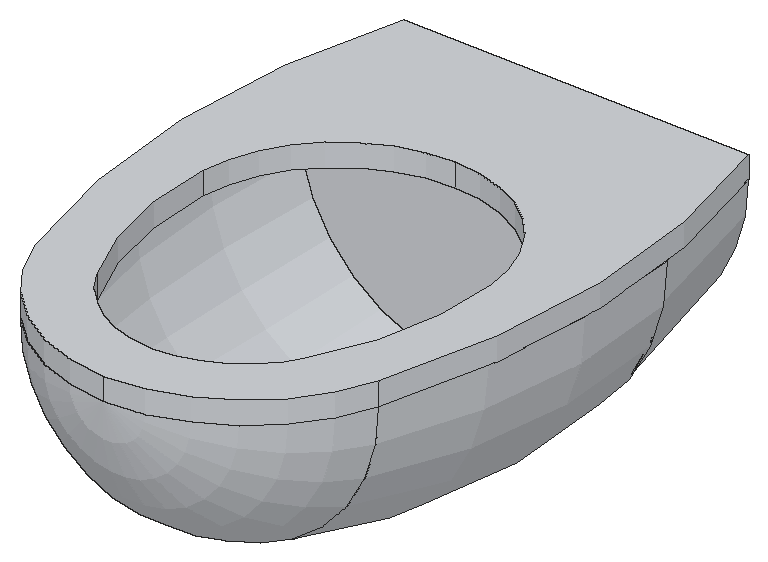
Revit family
Parameters (values of type "520 x 370mm")
  Material = none
  Manufacturer = "Revit"
  Assembly Code = ""
Reference planes
  plane 1 "Center (Front/Back)": y = 0
  plane 2: z = 0
  plane 3 "Center (Left/Right)": x = 0
  plane 4: y = -244.9
Forms (mm)
  Extrusion 1, solid, material <- "Material"
    sketch origin (0, 0, 307.334) x (1, 0, 0) y (0, 1, 0)
      loop
        arc (-152.704, 0) -> (-185.562, -204.671) -> (-152.704, -409.341) r 653.876
        arc (-152.704, -409.341) -> (-94.349, -490.625) -> (0, -523.953) r 166.984
        arc (0, -523.953) -> (94.349, -490.625) -> (152.704, -409.341) r 166.984
        arc (152.704, -409.341) -> (185.562, -204.671) -> (152.704, 0) r 653.876
        line (152.704, 0) -> (-152.704, 0)
      loop
        arc (0, -134.961) -> (-87.71, -168.958) -> (-128.473, -253.735) r 127.954
        arc (-128.473, -253.735) -> (-122.656, -336.701) -> (-93.86, -414.726) r 294.286
        arc (-93.86, -414.726) -> (-54.664, -456.038) -> (0, -472.002) r 109.21
        arc (0, -472.002) -> (54.664, -456.038) -> (93.86, -414.726) r 109.21
        arc (93.86, -414.726) -> (122.656, -336.701) -> (128.473, -253.735) r 294.286
        arc (128.473, -253.735) -> (87.71, -168.958) -> (0, -134.961) r 127.954
    from -20 to 0
  Blend 2, solid, material <- "Material"
    base sketch origin (0, -124.9, 287.334) x (0, 0, -1) y (-1, 0, 0)
      loop
        line (0, 180) -> (0, -180)
        arc (0, -180) -> (180, 0) -> (0, 180) r 180
    top sketch origin (0, -124.9, 287.334) x (0, 0, -1) y (-1, 0, 0)
      loop
        line (0, 152.605) -> (0, -152.704)
        arc (0, -152.704) -> (152.655, -0.05) -> (0, 152.605) r 152.655
    from 0 to 124.9
  Revolve 3, solid, material <- "Material"
    sketch origin (0, 0, 287.334) x (1, 0, 0) y (0, 1, 0)
      loop
        arc (-180.678, -124.9) -> (-182.423, -268.668) -> (-152.704, -409.341) r 653.876
        arc (-152.704, -409.341) -> (-94.349, -490.625) -> (0, -523.953) r 166.984
        line (0, -523.953) -> (0, -490.489)
        arc (0, -490.489) -> (-74.747, -463.526) -> (-120.946, -398.875) r 133.545
        arc (-120.946, -398.875) -> (-149.342, -263.349) -> (-146.974, -124.9) r 620.437
        line (-146.974, -124.9) -> (-180.678, -124.9)
      axis (0, -523.953) -> (0, -124.9)
    angle from 0 to 180
Lines and regions (mm)
  symbolic lines
    curve 1: line (-152.709, 0, 0) -> (152.709, 0, 0)
    curve 2: line (152.709, 0, 0) -> (158.487, -27.227, 0)
    curve 3: arc (158.487, -27.227, 0) -> (158.776, -28.613, 0) -> (159.057, -30, 0) r 241.075
    curve 4: line (159.057, -30, 0) -> (164.872, -59.182, 0)
    curve 5: line (164.872, -59.182, 0) -> (165.032, -60, 0)
    curve 6: line (165.032, -60, 0) -> (167.579, -73.437, 0)
    curve 7: line (167.579, -73.437, 0) -> (170.601, -90, 0)
    curve 8: arc (170.601, -90, 0) -> (171.704, -96.237, 0) -> (172.775, -102.479, 0) r 1279.669
    curve 9: line (172.775, -102.479, 0) -> (175.675, -120, 0)
    curve 10: arc (175.675, -120, 0) -> (176.56, -125.594, 0) -> (177.405, -131.195, 0) r 793.008
    curve 11: line (177.405, -131.195, 0) -> (180.093, -150, 0)
    curve 12: arc (180.093, -150, 0) -> (181.062, -157.316, 0) -> (181.944, -164.642, 0) r 616.84
    curve 13: arc (181.944, -164.642, 0) -> (182.776, -172.317, 0) -> (183.521, -180, 0) r 674.925
    curve 14: arc (183.521, -180, 0) -> (184.103, -187.122, 0) -> (184.551, -194.253, 0) r 382.449
    curve 15: arc (184.551, -194.253, 0) -> (184.906, -202.124, 0) -> (185.128, -210, 0) r 465.009
    curve 16: arc (185.128, -210, 0) -> (185.235, -217.236, 0) -> (185.272, -224.473, 0) r 746.453
    curve 17: arc (185.272, -224.473, 0) -> (185.238, -232.237, 0) -> (185.135, -240, 0) r 859.081
    curve 18: arc (185.135, -240, 0) -> (184.986, -246.797, 0) -> (184.781, -253.592, 0) r 827.316
    curve 19: arc (184.781, -253.592, 0) -> (184.472, -261.797, 0) -> (184.106, -270, 0) r 1206.742
    curve 20: arc (184.106, -270, 0) -> (183.655, -277.967, 0) -> (183.065, -285.924, 0) r 458.517
    curve 21: arc (183.065, -285.924, 0) -> (182.412, -292.969, 0) -> (181.62, -300, 0) r 360.495
    curve 22: arc (181.62, -300, 0) -> (180.779, -306.235, 0) -> (179.785, -312.448, 0) r 257.635
    curve 23: arc (179.785, -312.448, 0) -> (178.191, -321.238, 0) -> (176.447, -330, 0) r 519.485
    curve 24: arc (176.447, -330, 0) -> (174.874, -337.324, 0) -> (173.21, -344.627, 0) r 595.063
    curve 25: arc (173.21, -344.627, 0) -> (171.356, -352.325, 0) -> (169.411, -360, 0) r 664.851
    curve 26: arc (169.411, -360, 0) -> (167.671, -366.435, 0) -> (165.803, -372.834, 0) r 334.519
    curve 27: arc (165.803, -372.834, 0) -> (163.128, -381.437, 0) -> (160.327, -390, 0) r 611.028
    curve 28: arc (160.327, -390, 0) -> (158.241, -395.884, 0) -> (155.955, -401.694, 0) r 182.055
    curve 29: arc (155.955, -401.694, 0) -> (152.036, -410.89, 0) -> (147.922, -420, 0) r 466.837
    curve 30: arc (147.922, -420, 0) -> (144.7, -426.503, 0) -> (141.155, -432.835, 0) r 144.479
    curve 31: arc (141.155, -432.835, 0) -> (135.794, -441.516, 0) -> (130.126, -450, 0) r 285.669
    curve 32: arc (130.126, -450, 0) -> (126.035, -455.463, 0) -> (121.563, -460.617, 0) r 94.986
    curve 33: arc (121.563, -460.617, 0) -> (112.028, -470.482, 0) -> (102.147, -480, 0) r 384.278
    curve 34: arc (102.147, -480, 0) -> (92.028, -488.613, 0) -> (81.195, -496.31, 0) r 152.143
    curve 35: arc (81.195, -496.31, 0) -> (68.753, -503.666, 0) -> (55.762, -510, 0) r 180.05
    curve 36: arc (55.762, -510, 0) -> (44.275, -514.251, 0) -> (32.368, -517.121, 0) r 103.836
    curve 37: arc (32.368, -517.121, 0) -> (16.248, -519.279, 0) -> (0, -520, 0) r 183.366
    curve 38: arc (0, -520, 0) -> (-16.247, -519.279, 0) -> (-32.367, -517.121, 0) r 183.359
    curve 39: arc (-32.367, -517.121, 0) -> (-44.274, -514.251, 0) -> (-55.76, -510, 0) r 103.836
    curve 40: arc (-55.76, -510, 0) -> (-68.753, -503.665, 0) -> (-81.195, -496.309, 0) r 180.041
    curve 41: arc (-81.195, -496.309, 0) -> (-92.026, -488.612, 0) -> (-102.144, -480, 0) r 152.085
    curve 42: arc (-102.144, -480, 0) -> (-112.023, -470.483, 0) -> (-121.556, -460.619, 0) r 384.319
    curve 43: arc (-121.556, -460.619, 0) -> (-126.029, -455.463, 0) -> (-130.12, -450, 0) r 95.043
    curve 44: arc (-130.12, -450, 0) -> (-135.789, -441.515, 0) -> (-141.151, -432.834, 0) r 285.823
    curve 45: arc (-141.151, -432.834, 0) -> (-144.696, -426.502, 0) -> (-147.918, -420, 0) r 144.491
    curve 46: arc (-147.918, -420, 0) -> (-152.033, -410.891, 0) -> (-155.951, -401.695, 0) r 466.426
    curve 47: arc (-155.951, -401.695, 0) -> (-158.238, -395.885, 0) -> (-160.325, -390, 0) r 181.972
    curve 48: arc (-160.325, -390, 0) -> (-163.125, -381.437, 0) -> (-165.8, -372.834, 0) r 610.744
    curve 49: arc (-165.8, -372.834, 0) -> (-167.668, -366.435, 0) -> (-169.408, -360, 0) r 334.334
    curve 50: arc (-169.408, -360, 0) -> (-171.352, -352.327, 0) -> (-173.205, -344.631, 0) r 665.262
    curve 51: arc (-173.205, -344.631, 0) -> (-174.87, -337.326, 0) -> (-176.443, -330, 0) r 595.997
    curve 52: arc (-176.443, -330, 0) -> (-178.189, -321.233, 0) -> (-179.784, -312.437, 0) r 520.023
    curve 53: arc (-179.784, -312.437, 0) -> (-180.777, -306.23, 0) -> (-181.617, -300, 0) r 257.163
    curve 54: arc (-181.617, -300, 0) -> (-182.408, -292.975, 0) -> (-183.061, -285.936, 0) r 359.924
    curve 55: arc (-183.061, -285.936, 0) -> (-183.651, -277.972, 0) -> (-184.102, -270, 0) r 459.215
    curve 56: arc (-184.102, -270, 0) -> (-184.467, -261.793, 0) -> (-184.776, -253.584, 0) r 1209.393
    curve 57: arc (-184.776, -253.584, 0) -> (-184.981, -246.793, 0) -> (-185.13, -240, 0) r 827.255
    curve 58: arc (-185.13, -240, 0) -> (-185.234, -232.238, 0) -> (-185.267, -224.476, 0) r 858.487
    curve 59: arc (-185.267, -224.476, 0) -> (-185.23, -217.238, 0) -> (-185.123, -210, 0) r 746.539
    curve 60: arc (-185.123, -210, 0) -> (-184.902, -202.124, 0) -> (-184.547, -194.253, 0) r 465.042
    curve 61: arc (-184.547, -194.253, 0) -> (-184.098, -187.122, 0) -> (-183.516, -180, 0) r 382.445
    curve 62: arc (-183.516, -180, 0) -> (-182.771, -172.317, 0) -> (-181.939, -164.643, 0) r 675.164
    curve 63: arc (-181.939, -164.643, 0) -> (-181.058, -157.316, 0) -> (-180.089, -150, 0) r 617.085
    curve 64: line (-180.089, -150, 0) -> (-177.401, -131.193, 0)
    curve 65: arc (-177.401, -131.193, 0) -> (-176.556, -125.594, 0) -> (-175.672, -120, 0) r 792.953
    curve 66: line (-175.672, -120, 0) -> (-172.772, -102.479, 0)
    curve 67: arc (-172.772, -102.479, 0) -> (-171.7, -96.237, 0) -> (-170.598, -90, 0) r 1279.549
    curve 68: line (-170.598, -90, 0) -> (-167.576, -73.437, 0)
    curve 69: line (-167.576, -73.437, 0) -> (-165.03, -60, 0)
    curve 70: line (-165.03, -60, 0) -> (-164.87, -59.182, 0)
    curve 71: line (-164.87, -59.182, 0) -> (-159.056, -30, 0)
    curve 72: arc (-159.056, -30, 0) -> (-158.775, -28.613, 0) -> (-158.486, -27.227, 0) r 241.18
    curve 73: line (-158.486, -27.227, 0) -> (-152.709, 0, 0)
    curve 78: line (-40.564, -141.919, 0) -> (-21.443, -137.609, 0)
    curve 79: line (-21.443, -137.609, 0) -> (-6.214, -135.512, 0)
    curve 80: line (-6.214, -135.512, 0) -> (0, -134.961, 0)
    curve 81: line (0, -134.961, 0) -> (6.214, -135.512, 0)
    curve 82: line (6.214, -135.512, 0) -> (21.444, -137.609, 0)
    curve 83: line (21.444, -137.609, 0) -> (40.566, -141.919, 0)
    curve 84: line (40.566, -141.919, 0) -> (58.46, -149.11, 0)
    curve 85: line (58.46, -149.11, 0) -> (69.193, -155.574, 0)
    curve 86: line (69.193, -155.574, 0) -> (80.294, -163.27, 0)
    curve 87: line (80.294, -163.27, 0) -> (91.195, -172.309, 0)
    curve 88: line (91.195, -172.309, 0) -> (101.325, -182.802, 0)
    curve 89: line (101.325, -182.802, 0) -> (110.116, -194.856, 0)
    curve 90: line (110.116, -194.856, 0) -> (116.998, -208.582, 0)
    curve 91: line (116.998, -208.582, 0) -> (123.923, -226.768, 0)
    curve 92: line (123.923, -226.768, 0) -> (126.44, -236.984, 0)
    curve 93: line (126.44, -236.984, 0) -> (128.329, -252.016, 0)
    curve 94: line (128.329, -252.016, 0) -> (129.67, -268.58, 0)
    curve 95: line (129.67, -268.58, 0) -> (129.547, -284.522, 0)
    curve 96: line (129.547, -284.522, 0) -> (128.342, -299.792, 0)
    curve 97: line (128.342, -299.792, 0) -> (126.438, -314.341, 0)
    curve 98: line (126.438, -314.341, 0) -> (122.862, -334.629, 0)
    curve 99: line (122.862, -334.629, 0) -> (118.446, -354.496, 0)
    curve 100: line (118.446, -354.496, 0) -> (114.173, -369.094, 0)
    curve 101: line (114.173, -369.094, 0) -> (111.149, -377.285, 0)
    curve 102: line (111.149, -377.285, 0) -> (106.848, -388.262, 0)
    curve 103: line (106.848, -388.262, 0) -> (101.13, -401.063, 0)
    curve 104: line (101.13, -401.063, 0) -> (93.855, -414.726, 0)
    curve 105: line (93.855, -414.726, 0) -> (84.884, -428.284, 0)
    curve 106: line (84.884, -428.284, 0) -> (74.077, -440.777, 0)
    curve 107: line (74.077, -440.777, 0) -> (61.296, -451.241, 0)
    curve 108: line (61.296, -451.241, 0) -> (46.351, -460.787, 0)
    curve 109: line (46.351, -460.787, 0) -> (35.102, -466.042, 0)
    curve 110: line (35.102, -466.042, 0) -> (21.625, -469.086, 0)
    curve 111: line (21.625, -469.086, 0) -> (0, -472.002, 0)
    curve 112: line (0, -472.002, 0) -> (-21.623, -469.086, 0)
    curve 113: line (-21.623, -469.086, 0) -> (-35.098, -466.042, 0)
    curve 114: line (-35.098, -466.042, 0) -> (-46.347, -460.787, 0)
    curve 115: line (-46.347, -460.787, 0) -> (-61.29, -451.241, 0)
    curve 116: line (-61.29, -451.241, 0) -> (-74.073, -440.777, 0)
    curve 117: line (-74.073, -440.777, 0) -> (-84.88, -428.284, 0)
    curve 118: line (-84.88, -428.284, 0) -> (-93.851, -414.726, 0)
    curve 119: line (-93.851, -414.726, 0) -> (-101.126, -401.063, 0)
    curve 120: line (-101.126, -401.063, 0) -> (-106.843, -388.262, 0)
    curve 121: line (-106.843, -388.262, 0) -> (-111.143, -377.285, 0)
    curve 122: line (-111.143, -377.285, 0) -> (-114.164, -369.094, 0)
    curve 123: line (-114.164, -369.094, 0) -> (-118.441, -354.496, 0)
    curve 124: line (-118.441, -354.496, 0) -> (-122.86, -334.629, 0)
    curve 125: line (-122.86, -334.629, 0) -> (-126.438, -314.341, 0)
    curve 126: line (-126.438, -314.341, 0) -> (-128.339, -299.792, 0)
    curve 127: line (-128.339, -299.792, 0) -> (-129.544, -284.522, 0)
    curve 128: line (-129.544, -284.522, 0) -> (-129.667, -268.58, 0)
    curve 129: line (-129.667, -268.58, 0) -> (-128.327, -252.016, 0)
    curve 130: line (-128.327, -252.016, 0) -> (-126.436, -236.984, 0)
    curve 131: line (-126.436, -236.984, 0) -> (-123.918, -226.768, 0)
    curve 132: line (-123.918, -226.768, 0) -> (-116.995, -208.582, 0)
    curve 133: line (-116.995, -208.582, 0) -> (-110.113, -194.856, 0)
    curve 134: line (-110.113, -194.856, 0) -> (-101.323, -182.802, 0)
    curve 135: line (-101.323, -182.802, 0) -> (-91.194, -172.309, 0)
    curve 136: line (-91.194, -172.309, 0) -> (-80.294, -163.27, 0)
    curve 137: line (-80.294, -163.27, 0) -> (-69.191, -155.574, 0)
    curve 138: line (-69.191, -155.574, 0) -> (-58.455, -149.11, 0)
    curve 139: line (-58.455, -149.11, 0) -> (-40.564, -141.919, 0)
  symbolic lines, detail levels medium+fine
    curve 74: arc (-89.273, -82.245, 0) -> (-79.273, -92.245, 0) -> (-69.273, -82.245, 0) r 10
    curve 75: arc (-69.273, -82.245, 0) -> (-79.273, -72.245, 0) -> (-89.273, -82.245, 0) r 10
    curve 76: arc (73.765, -82.245, 0) -> (83.765, -92.245, 0) -> (93.765, -82.245, 0) r 10
    curve 77: arc (93.765, -82.245, 0) -> (83.765, -72.245, 0) -> (73.765, -82.245, 0) r 10
    curve 140: line (5.976, -141.954, 0) -> (20.619, -143.977, 0)
    curve 141: line (20.619, -143.977, 0) -> (39.005, -148.127, 0)
    curve 142: line (39.005, -148.127, 0) -> (56.211, -155.039, 0)
    curve 143: line (56.211, -155.039, 0) -> (66.533, -161.26, 0)
    curve 144: line (66.533, -161.26, 0) -> (77.21, -168.662, 0)
    curve 145: line (77.21, -168.662, 0) -> (87.692, -177.354, 0)
    curve 146: line (87.692, -177.354, 0) -> (97.432, -187.442, 0)
    curve 147: line (97.432, -187.442, 0) -> (105.885, -199.033, 0)
    curve 148: line (105.885, -199.033, 0) -> (112.501, -212.235, 0)
    curve 149: line (112.501, -212.235, 0) -> (119.155, -229.721, 0)
    curve 150: line (119.155, -229.721, 0) -> (121.577, -239.539, 0)
    curve 151: line (121.577, -239.539, 0) -> (123.396, -253.99, 0)
    curve 152: line (123.396, -253.99, 0) -> (124.685, -269.928, 0)
    curve 153: line (124.685, -269.928, 0) -> (124.566, -285.259, 0)
    curve 154: line (124.566, -285.259, 0) -> (123.408, -299.937, 0)
    curve 155: line (123.408, -299.937, 0) -> (121.575, -313.915, 0)
    curve 156: line (121.575, -313.915, 0) -> (118.136, -333.429, 0)
    curve 157: line (118.136, -333.429, 0) -> (113.887, -352.531, 0)
    curve 158: line (113.887, -352.531, 0) -> (109.771, -366.57, 0)
    curve 159: line (109.771, -366.57, 0) -> (106.87, -374.443, 0)
    curve 160: line (106.87, -374.443, 0) -> (102.738, -384.997, 0)
    curve 161: line (102.738, -384.997, 0) -> (97.243, -397.305, 0)
    curve 162: line (97.243, -397.305, 0) -> (90.249, -410.44, 0)
    curve 163: line (90.249, -410.44, 0) -> (81.623, -423.478, 0)
    curve 164: line (81.623, -423.478, 0) -> (71.232, -435.49, 0)
    curve 165: line (71.232, -435.49, 0) -> (58.94, -445.552, 0)
    curve 166: line (58.94, -445.552, 0) -> (44.569, -454.739, 0)
    curve 167: line (44.569, -454.739, 0) -> (33.75, -459.793, 0)
    curve 168: line (33.75, -459.793, 0) -> (20.792, -462.718, 0)
    curve 169: line (20.792, -462.718, 0) -> (0, -465.513, 0)
    curve 170: line (0, -465.513, 0) -> (-20.791, -462.718, 0)
    curve 171: line (-20.791, -462.718, 0) -> (-33.752, -459.793, 0)
    curve 172: line (-33.752, -459.793, 0) -> (-44.569, -454.739, 0)
    curve 173: line (-44.569, -454.739, 0) -> (-58.935, -445.552, 0)
    curve 174: line (-58.935, -445.552, 0) -> (-71.227, -435.49, 0)
    curve 175: line (-71.227, -435.49, 0) -> (-81.618, -423.478, 0)
    curve 176: line (-81.618, -423.478, 0) -> (-90.243, -410.44, 0)
    curve 177: line (-90.243, -410.44, 0) -> (-97.237, -397.305, 0)
    curve 178: line (-97.237, -397.305, 0) -> (-102.734, -384.997, 0)
    curve 179: line (-102.734, -384.997, 0) -> (-106.869, -374.443, 0)
    curve 180: line (-106.869, -374.443, 0) -> (-109.776, -366.57, 0)
    curve 181: line (-109.776, -366.57, 0) -> (-113.888, -352.531, 0)
    curve 182: line (-113.888, -352.531, 0) -> (-118.136, -333.429, 0)
    curve 183: line (-118.136, -333.429, 0) -> (-121.577, -313.915, 0)
    curve 184: line (-121.577, -313.915, 0) -> (-123.405, -299.937, 0)
    curve 185: line (-123.405, -299.937, 0) -> (-124.562, -285.259, 0)
    curve 186: line (-124.562, -285.259, 0) -> (-124.678, -269.928, 0)
    curve 187: line (-124.678, -269.928, 0) -> (-123.388, -253.99, 0)
    curve 188: line (-123.388, -253.99, 0) -> (-121.575, -239.539, 0)
    curve 189: line (-121.575, -239.539, 0) -> (-119.154, -229.721, 0)
    curve 190: line (-119.154, -229.721, 0) -> (-112.495, -212.235, 0)
    curve 191: line (-112.495, -212.235, 0) -> (-105.877, -199.033, 0)
    curve 192: line (-105.877, -199.033, 0) -> (-97.425, -187.442, 0)
    curve 193: line (-97.425, -187.442, 0) -> (-87.686, -177.354, 0)
    curve 194: line (-87.686, -177.354, 0) -> (-77.206, -168.662, 0)
    curve 195: line (-77.206, -168.662, 0) -> (-66.534, -161.26, 0)
    curve 196: line (-66.534, -161.26, 0) -> (-56.215, -155.039, 0)
    curve 197: line (-56.215, -155.039, 0) -> (-39.003, -148.127, 0)
    curve 198: line (-39.003, -148.127, 0) -> (-20.615, -143.977, 0)
    curve 199: line (-20.615, -143.977, 0) -> (-5.974, -141.954, 0)
    curve 200: line (-5.974, -141.954, 0) -> (0, -141.421, 0)
    curve 201: line (0, -141.421, 0) -> (5.976, -141.954, 0)
    curve 202: line (0, -181.197, 0) -> (17.767, -181.6, 0)
    curve 203: line (17.767, -181.6, 0) -> (36.235, -182.892, 0)
    curve 204: line (36.235, -182.892, 0) -> (45.847, -184.182, 0)
    curve 205: line (45.847, -184.182, 0) -> (48.116, -185.026, 0)
    curve 206: line (48.116, -185.026, 0) -> (50.235, -186.239, 0)
    curve 207: line (50.235, -186.239, 0) -> (51.172, -188.857, 0)
    curve 208: line (51.172, -188.857, 0) -> (51.172, -204.967, 0)
    curve 209: line (51.172, -204.967, 0) -> (51.172, -231.066, 0)
    curve 210: line (51.172, -231.066, 0) -> (51.172, -244.746, 0)
    curve 211: line (51.172, -244.746, 0) -> (50.778, -248.714, 0)
    curve 212: line (50.778, -248.714, 0) -> (48.463, -257.859, 0)
    curve 213: line (48.463, -257.859, 0) -> (42.524, -268.043, 0)
    curve 214: line (42.524, -268.043, 0) -> (31.59, -278.151, 0)
    curve 215: line (31.59, -278.151, 0) -> (16.753, -286.777, 0)
    curve 216: line (16.753, -286.777, 0) -> (0, -289.349, 0)
    curve 217: line (0, -289.349, 0) -> (-16.751, -286.777, 0)
    curve 218: line (-16.751, -286.777, 0) -> (-31.588, -278.151, 0)
    curve 219: line (-31.588, -278.151, 0) -> (-42.521, -268.043, 0)
    curve 220: line (-42.521, -268.043, 0) -> (-48.459, -257.859, 0)
    curve 221: line (-48.459, -257.859, 0) -> (-50.773, -248.714, 0)
    curve 222: line (-50.773, -248.714, 0) -> (-51.166, -244.746, 0)
    curve 223: line (-51.166, -244.746, 0) -> (-51.166, -231.066, 0)
    curve 224: line (-51.166, -231.066, 0) -> (-51.166, -204.967, 0)
    curve 225: line (-51.166, -204.967, 0) -> (-51.166, -188.857, 0)
    curve 226: line (-51.166, -188.857, 0) -> (-50.231, -186.239, 0)
    curve 227: line (-50.231, -186.239, 0) -> (-48.116, -185.026, 0)
    curve 228: line (-48.116, -185.026, 0) -> (-45.854, -184.182, 0)
    curve 229: line (-45.854, -184.182, 0) -> (-36.238, -182.892, 0)
    curve 230: line (-36.238, -182.892, 0) -> (-17.77, -181.6, 0)
    curve 231: line (-17.77, -181.6, 0) -> (0, -181.197, 0)
